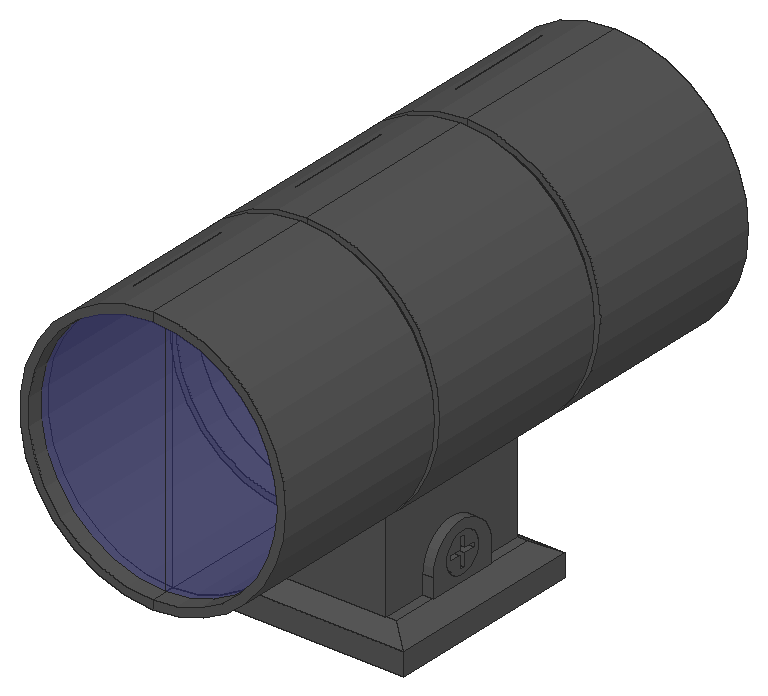
Revit family "CARLO CYLINDER LIGHT WALL MOUNT", category Lighting Fixtures, host Face, Revit 2020 (continued)
Types (10): name | Wattage_Input | Wattage Comments | Wattage | Photometric Web File | built-in parameter 1150142 | Model | built-in parameter 1150105 | Lumens | Light Length 1 | LIGHT RADIUS | LIGHT PLACEMENT | LIGHT LENGTH | LIGHT DIA | built-in parameter 1150106 | FIXED END HEIGHT | Curve base Height | Base Curve | BEAMING ANGLE | Apparent Load
     7.697 6.9879 6.3297 5.7423 5.211 4.7222 4.2923 3.9447 3.6453 3.3645 \r\n 3.1131 2.8943 2.7022 2.5326 2.3832 2.2521 2.1345 2.0254 1.9241 1.8269 \r\n 1.7366 1.6565 1.5823 1.51 1.4423 1.3814 1.3246 1.27 1.2175 1.1657 \r\n 1.1167 1.0726 1.0315 0.99206 0.95434 0.91995 0.88592 0.84892 0.81184 0.77711 \r\n 0.74288 0.7078 0.67282 0.63852 0.60469 0.57165 0.53832 0.50274 0.46776 0.43636 \r\n 0.40609 0.37511 0.34456 0.31571 0.28638 0.25312 0.22138 0.22561 0.23821 0.24044 \r\n 0.24015 0.23319 0.23691 0.27514 0.32429 0.36667 0.40848 0.46923 0.52324 0.54184 \r\n 0.55379 0.58354 0.6154 0.63836 0.66279 0.69819 0.73606 0.76971 0.80325 0.83916 \r\n 0.87561 0.91075 0.94705 0.98785 1.0286 1.064 1.0999 1.1453 1.1926 1.2358 \r\n 1.2795 1.3266 1.3758 1.4264 1.48 1.5385 1.5996 1.6595 1.7233 1.7967 \r\n 1.8743 1.9506 2.0308 2.1177 2.2127 2.3173 2.4343 2.568 2.716 2.8745 \r\n 3.0516 3.2525 3.4823 3.7469 4.0492 4.395 4.7814 5.1957 5.6729 6.2552 \r\n 6.908 7.6041 8.3627 9.2071 10.097 10.983 11.912 12.933 13.984 15.01 \r\n 16.049 17.119 18.229 19.39 20.609 21.909 23.253 24.484 25.984 28.041 \r\n 30.792 34.423 39.072 43.461 52.028 70.835 93.738 115.51 139.46 168.09 \r\n 198.59 228.7 259.27 291.04 322.12 350.77 377.16 401.06 421.97 439.6 \r\n 453.05 460.12 464.4 469.1 473.15 476.45 479.28 481.84 484.26 486.72 \r\n 489.3 492.22 495.31 498.47 501.7 505.03 508.31 511.31 514.32 517.6 \r\n 521.05 524.71 528.47 532.2 536.01 539.86 544.01 548.69 553.99 560.01 \r\n 566.95 574.95 584.23 594.91 607.47 622.29 639.86 660.55 685.15 714.42 \r\n 748.84 788.7 835.3 888.75 952.95 1034.8 1125.4 1214.4 1313.4 1431.9 \r\n 1565.5 1711.8 1873.2 2054.3 2247 2444.4 2647.7 2856 3068.2 3284.2 \r\n 3499.5 3709.9 3914.3 4110.6 4298.2 4477 4644 4795.7 4934.2 5062.1 \r\n 5175.7 5272.4 5351.9 5412.5 5456.9 5487.2 5504.8 5511.9 5509.4 5499.5 \r\n 5509.6 \r\n5444.5 5444.7 5474.6 5490.8 5497 5497.9 5488.7 5465.6 5430.3 5382.1 \r\n 5324.8 5265.1 5194.1 5103.4 4997.8 4878.7 4747.3 4606.3 4453.5 4286.9 \r\n 4108.2 3917.2 3717.6 3512.5 3303.6 3092.5 2882.3 2677.4 2475.2 2272.1 \r\n 2075.1 1889.9 1717.8 1563.2 1423.2 1294.9 1182.9 1094.7 1018 940.03 \r\n 869.65 812.71 765.3 726 693.25 665.17 641.35 620.83 603.42 588.73 \r\n 576.39 566.01 557.28 549.79 543.38 537.8 532.85 528.25 524.03 520.1 \r\n 516.5 513.38 510.39 507.19 503.98 500.94 497.84 494.38 490.9 487.69 \r\n 484.54 481.24 478.07 475.43 472.76 469.54 465.98 462.08 457.98 455.01 \r\n 449.56 437.82 421.57 401.03 376.97 349.76 320.88 292.07 262.96 233.7 \r\n 204.4 174.56 146.11 121.34 98.624 75.46 56.73 48.566 44.721 40.718 \r\n 37.374 33.897 30.642 27.632 25.078 23.36 21.99 20.552 19.211 18.011 \r\n 16.895 15.819 14.794 13.828 12.882 11.892 10.937 10.093 9.2994 8.5167 \r\n 7.7649 7.0441 6.3751 5.7859 5.2554 4.7661 4.3341 3.9793 3.6716 3.3836 \r\n 3.127 2.9069 2.7152 2.5463 2.3977 2.2662 2.1484 2.0402 1.9401 1.844 \r\n 1.755 1.6759 1.6029 1.5323 1.4662 1.4058 1.3493 1.2953 1.2431 1.1906 \r\n 1.1401 1.0935 1.0499 1.0091 0.97146 0.93919 0.90692 0.86863 0.83006 0.79613 \r\n 0.76317 0.72881 0.69406 0.65898 0.62414 0.5905 0.55692 0.52188 0.48741 0.4557 \r\n 0.42485 0.39325 0.36233 0.33413 0.30524 0.27066 0.23741 0.2426 0.25585 0.25473 \r\n 0.25251 0.25374 0.26214 0.28361 0.31605 0.3657 0.41344 0.46122 0.50196 0.52465 \r\n 0.54345 0.57105 0.60086 0.62958 0.66009 0.69535 0.73186 0.76642 0.80105 0.83694 \r\n 0.87336 0.90951 0.9468 0.98761 1.0282 1.0635 1.0996 1.1448 1.191 1.2302 \r\n 1.2699 1.316 1.3649 1.4145 1.4673 1.5263 1.5888 1.6522 1.7193 1.7932 \r\n 1.8711 1.9505 2.0341 2.1218 2.2185 2.3285 2.4532 2.5969 2.7555 2.9231 \r\n 3.1094 3.3216 3.5616 3.8291 4.1383 4.508 4.9234 5.3613 5.866 6.4905 \r\n 7.1847 7.9056 8.686 9.5622 10.481 11.38 12.319 13.362 14.432 15.449 \r\n 16.486 17.598 18.755 19.932 21.165 22.504 23.892 25.108 26.701 29.202 \r\n 32.437 36.18 41.126 46.696 56.487 75.596 98.946 122.5 148.25 177.55 \r\n 208.28 238.53 269.03 300.54 331.18 359.36 385.04 407.74 427.19 443.14 \r\n 455.07 461.24 465.1 470.08 474.47 477.4 479.81 482.38 484.89 487.25 \r\n 489.74 492.68 495.83 499.03 502.36 505.94 509.46 512.53 515.57 518.91 \r\n 522.37 525.81 529.32 532.93 536.67 540.48 544.65 549.45 554.91 560.98 \r\n 568.12 576.8 586.94 598.41 611.9 627.92 646.87 668.98 695.23 726.5 \r\n 763.35 806.29 856.32 913.4 981.09 1065 1159 1256 1363.7 1488 \r\n 1626.8 1779.8 1949 2139.8 2341.3 2543.4 2748.7 2956.4 3167 3382.5 \r\n 3596.9 3805 4006.5 4200.1 4383.9 4556 4715.8 4861.7 4995.2 5118.2 \r\n 5226.5 5316.1 5388.4 5441.9 5480.2 5506.6 5521 5523.9 5517.5 5504.2 \r\n 5509.6 \r\n5444.5 5447.7 5477.4 5494.2 5500.9 5501.7 5492.2 5469 5433.4 5384.4 \r\n 5326.1 5265.2 5192.7 5100.1 4992.2 4870.4 4736.8 4594.7 4441 4273.3 \r\n 4093.5 3900.9 3700 3494.9 3285.6 3071.1 2857.5 2651.5 2449.4 2247.6 \r\n 2052.7 1869.2 1699 1546 1408 1282.8 1174.3 1090.3 1016.5 936.92 \r\n 864.3 807.88 761.64 723.03 690.88 663.29 639.87 619.67 602.54 588.18 \r\n 576.14 566.03 557.5 550.11 543.76 538.28 533.41 528.78 524.52 520.64 \r\n 517.09 513.93 510.9 507.63 504.39 501.42 498.44 495.09 491.73 488.7 \r\n 485.72 482.5 479.4 476.88 474.38 471.49 468.2 464.18 459.91 456.95 \r\n 451.75 440.91 425.63 405.71 382.04 354.92 325.96 296.99 267.64 238.06 \r\n 208.5 178.65 150.36 126.18 103.64 79.132 58.685 49.224 44.475 40.388 \r\n 37.223 33.688 30.39 27.472 25.034 23.379 22.044 20.598 19.243 18.067 \r\n 16.977 15.902 14.872 13.906 12.96 11.969 11.01 10.154 9.3492 8.5643 \r\n 7.8108 7.0795 6.4007 5.8109 5.2826 4.7957 4.3642 4.004 3.6894 3.3957 \r\n 3.1351 2.9147 2.7242 2.5566 2.4093 2.2779 2.1601 2.0529 1.9542 1.8596 \r\n 1.7721 1.6942 1.6224 1.5536 1.489 1.429 1.3726 1.3194 1.2676 1.2149 \r\n 1.1635 1.1147 1.0689 1.0269 0.98911 0.95859 0.92773 0.88839 0.8486 0.81543 \r\n 0.7836 0.74983 0.71525 0.67949 0.64379 0.60971 0.57599 0.54147 0.50747 0.47537 \r\n 0.44389 0.41165 0.38031 0.35258 0.32397 0.28812 0.25336 0.25904 0.27242 0.26771 \r\n 0.26339 0.27266 0.28557 0.29014 0.30569 0.36217 0.41568 0.45102 0.47926 0.50679 \r\n 0.53307 0.55883 0.5867 0.62108 0.65744 0.69215 0.72692 0.76234 0.7981 0.83394 \r\n 0.8703 0.90743 0.94561 0.98615 1.0263 1.0617 1.0981 1.1428 1.1874 1.2229 \r\n 1.2589 1.3036 1.3519 1.4004 1.4527 1.512 1.5759 1.6427 1.7131 1.7871 \r\n 1.8652 1.9476 2.0344 2.1231 2.2214 2.3364 2.468 2.6204 2.7885 2.9648 \r\n 3.1603 3.3838 3.6339 3.9044 4.2199 4.6112 5.0534 5.5144 6.0458 6.7096 \r\n 7.4419 8.1842 8.9828 9.8863 10.83 11.74 12.688 13.749 14.833 15.845 \r\n 16.882 18.03 19.228 20.424 21.677 23.052 24.488 25.722 27.425 30.333 \r\n 33.996 37.76 42.971 49.942 61.108 80.252 103.63 128.52 155.69 185.5 \r\n 216.41 246.83 277.33 308.54 338.76 366.57 391.7 413.42 431.66 446.12 \r\n 456.74 462.27 465.91 471.18 475.88 478.5 480.53 483.12 485.73 488.02 \r\n 490.43 493.36 496.54 499.77 503.17 506.95 510.66 513.8 516.87 520.28 \r\n 523.73 526.96 530.22 533.72 537.39 541.16 545.34 550.25 555.86 561.98 \r\n 569.33 578.65 589.62 601.87 616.27 633.45 653.72 677.22 705.12 738.31 \r\n 777.64 824.22 878.21 939.05 1010 1095.1 1191.4 1296.2 1412.6 1542.6 \r\n 1686.9 1846.4 2022.8 2222.2 2431.4 2637.7 2844.9 3052.3 3261.6 3476.5 \r\n 3689.9 3895.5 4094 4284.9 4465 4630.6 4783.4 4924.2 5052.8 5170.9 \r\n 5273.8 5356.5 5421.7 5468.9 5501.9 5524.8 5536.4 5535.7 5525.7 5509.2 \r\n 5509.6 \r\n5444.5 5456.9 5486.3 5503.4 5510.5 5510.8 5500.6 5476.8 5440.7 5391.4 \r\n 5332.3 5269.8 5194.9 5099.4 4988.4 4863.9 4727.6 4583.2 4427.5 4257.7 \r\n 4075.8 3881.1 3678.4 3472.4 3262 3045.4 2829.8 2622.8 2420.8 2220.6 \r\n 2027.9 1846.4 1678.2 1527.3 1391.9 1271.4 1167.4 1086.3 1013.9 933.04 \r\n 858.82 803.08 758.04 720.16 688.64 661.6 638.66 618.86 602.08 588.04 \r\n 576.3 566.45 558.15 550.93 544.73 539.4 534.65 530.09 525.88 522.07 \r\n 518.57 515.38 512.29 509 505.76 502.87 499.97 496.7 493.44 490.51 \r\n 487.63 484.48 481.44 478.94 476.5 473.85 470.74 466.56 462.08 459.01 \r\n 453.93 443.75 429.23 409.74 386.34 359.32 330.34 301.27 271.7 241.72 \r\n 211.79 181.83 153.65 130.11 108.04 83.072 61.644 50.577 44.401 40.121 \r\n 37.137 33.57 30.265 27.429 25.084 23.46 22.132 20.675 19.309 18.151 \r\n 17.08 16.001 14.961 13.989 13.038 12.048 11.086 10.217 9.398 8.6091 \r\n 7.8524 7.1108 6.4223 5.83 5.3021 4.8172 4.3872 4.0244 3.7058 3.4084 \r\n 3.1448 2.9239 2.734 2.5675 2.4212 2.2897 2.1717 2.0653 1.9676 1.874 \r\n 1.7875 1.7104 1.6393 1.5714 1.5074 1.4473 1.3908 1.338 1.2869 1.2351 \r\n 1.1843 1.1347 1.088 1.0458 1.008 0.97803 0.94755 0.90776 0.86747 0.83456 \r\n 0.80313 0.76957 0.73498 0.69872 0.66249 0.62826 0.59458 0.5603 0.52641 0.49376 \r\n 0.46156 0.42877 0.39699 0.36917 0.34027 0.30315 0.26699 0.27347 0.28753 0.28063 \r\n 0.27481 0.28891 0.30402 0.29627 0.29934 0.35892 0.41515 0.44269 0.46345 0.49435 \r\n 0.52579 0.55113 0.57843 0.61649 0.65643 0.69066 0.72419 0.76016 0.79668 0.83251 \r\n 0.86881 0.90647 0.94506 0.98511 1.0247 1.0604 1.0971 1.1411 1.1846 1.2184 \r\n 1.2528 1.2968 1.3439 1.3906 1.4414 1.5008 1.5658 1.6348 1.7073 1.7813 \r\n 1.8594 1.9441 2.0334 2.1232 2.223 2.3415 2.4777 2.6349 2.8086 2.9916 \r\n 3.1948 3.4283 3.6881 3.9632 4.2852 4.6918 5.1532 5.6346 6.1891 6.8821 \r\n 7.6421 8.4006 9.2124 10.133 11.092 12.013 12.968 14.037 15.128 16.144 \r\n 17.188 18.352 19.571 20.792 22.077 23.487 24.977 26.288 28.123 31.294 \r\n 35.211 38.879 44.319 52.875 65.576 84.738 107.84 133.05 160.6 190.59 \r\n 221.65 252.3 282.93 313.9 343.77 371.4 396.28 417.51 435.06 448.51 \r\n 458.21 463.37 466.94 472.43 477.37 479.83 481.66 484.31 487.01 489.31 \r\n 491.71 494.65 497.84 501.09 504.52 508.34 512.11 515.27 518.35 521.79 \r\n 525.23 528.33 531.44 534.84 538.46 542.2 546.4 551.37 557.08 563.32 \r\n 570.89 580.71 592.32 605.24 620.43 638.56 659.94 684.69 714.08 748.94 \r\n 790.73 841.69 900.34 964.93 1038.6 1123.8 1221 1331.6 1455 1590.5 \r\n 1740.1 1905.4 2087.4 2292.6 2506.6 2716 2925.1 3133.2 3342.2 3556.8 \r\n 3769.2 3972.8 4168.6 4356.7 4533.4 4693.7 4841.2 4977.9 5102.5 5215.6 \r\n 5313.1 5389.8 5449.3 5491.9 5521.3 5541.6 5550.9 5547.6 5534.7 5515.3 \r\n 5509.6 \r\n5444.5 5472.7 5502 5519.3 5526.3 5525.8 5514.5 5489.8 5452.9 5403.7 \r\n 5344.4 5279.5 5201.4 5102.2 4987.5 4860 4720.8 4573 4413.8 4240.8 \r\n 4055.9 3858.6 3653.5 3445.5 3233.6 3016.1 2800 2592.4 2390.4 2191.9 \r\n 2001.4 1822.2 1656.4 1507.8 1375.8 1261.3 1162.8 1083 1010.3 928.54 \r\n 853.52 798.56 754.7 717.58 686.7 660.25 637.85 618.52 602.14 588.42 \r\n 576.94 567.35 559.29 552.33 546.36 541.23 536.66 532.27 528.19 524.49 \r\n 521.04 517.81 514.67 511.4 508.22 505.37 502.52 499.31 496.09 493.19 \r\n 490.33 487.23 484.21 481.65 479.15 476.61 473.56 469.2 464.49 461.23 \r\n 456.15 446.41 432.41 413.16 389.9 363.03 334.11 304.99 275.24 244.78 \r\n 214.37 184.12 155.96 133.11 111.8 87.316 65.71 52.712 44.549 39.954 \r\n 37.148 33.578 30.301 27.534 25.25 23.621 22.267 20.796 19.421 18.273 \r\n 17.212 16.123 15.067 14.082 13.122 12.133 11.171 10.286 9.4505 8.6549 \r\n 7.8931 7.1411 6.4429 5.8456 5.3157 4.832 4.4041 4.0415 3.7222 3.4231 \r\n 3.1576 2.9357 2.7455 2.5797 2.4341 2.3021 2.1837 2.0777 1.9806 1.8873 \r\n 1.8009 1.7241 1.6533 1.5852 1.5208 1.4601 1.4031 1.3504 1.3002 1.2506 \r\n 1.2021 1.1535 1.1072 1.0657 1.0283 0.9975 0.96623 0.92665 0.88668 0.85343 \r\n 0.82155 0.78777 0.753 0.71644 0.68001 0.64598 0.6125 0.57815 0.54394 0.51056 \r\n 0.47756 0.44432 0.41208 0.38354 0.35369 0.31532 0.27788 0.2856 0.30107 0.2937 \r\n 0.28714 0.30231 0.31688 0.30226 0.29814 0.35649 0.41184 0.43699 0.45609 0.48847 \r\n 0.52218 0.54873 0.57707 0.61647 0.65737 0.69126 0.72423 0.76039 0.79721 0.83309 \r\n 0.86935 0.90701 0.94544 0.98481 1.0238 1.0599 1.0969 1.1398 1.1822 1.2166 \r\n 1.2514 1.2943 1.3401 1.3851 1.4344 1.4937 1.5592 1.6292 1.7024 1.7762 \r\n 1.8542 1.9402 2.0313 2.1224 2.2236 2.344 2.4819 2.6396 2.8145 3.0017 \r\n 3.2111 3.4532 3.7221 4.0039 4.3326 4.7472 5.2195 5.7179 6.2913 7.0024 \r\n 7.7783 8.5476 9.3675 10.295 11.259 12.188 13.15 14.214 15.303 16.335 \r\n 17.395 18.552 19.77 21.024 22.355 23.797 25.346 26.8 28.786 32.059 \r\n 36.036 39.485 45.116 55.434 69.833 89.045 111.57 135.97 162.78 192.59 \r\n 223.73 254.7 285.61 316.38 346 373.66 398.62 419.87 437.32 450.3 \r\n 459.52 464.58 468.21 473.84 478.93 481.41 483.24 485.98 488.79 491.18 \r\n 493.65 496.62 499.8 503.05 506.46 510.17 513.83 516.96 520.03 523.47 \r\n 526.91 529.97 533.02 536.36 539.94 543.67 547.89 552.88 558.65 565.05 \r\n 572.88 583.03 595.06 608.52 624.35 643.2 665.45 691.26 721.98 758.22 \r\n 802.42 858.53 922.61 990.9 1066.7 1150.8 1247.2 1361.4 1490 1630.7 \r\n 1785.5 1955.6 2141.6 2349.1 2564.8 2776.2 2987.2 3197 3407.2 3621.6 \r\n 3833 4035.2 4228.8 4414 4587.3 4744.1 4887.9 5022 5143.5 5251.6 \r\n 5343.6 5415.3 5470.4 5510.6 5538.3 5556.9 5564.5 5559.5 5544.7 5522.8 \r\n 5509.6 \r\n5444.5 5493.5 5522.5 5539.7 5546.5 5544.7 5532 5505.8 5467.9 5419.1 \r\n 5359.5 5291.8 5209.6 5105.8 4986.4 4855.5 4712.9 4560.8 4397 4219.8 \r\n 4031.1 3830.7 3622.9 3412.1 3198.2 2980.6 2764.8 2556.8 2354.9 2158.3 \r\n 1970.6 1793.8 1631 1485.3 1357.2 1250.4 1158.7 1079.6 1005.5 922.93 \r\n 847.42 793.44 750.92 714.66 684.52 658.78 637.01 618.25 602.36 588.98 \r\n 577.79 568.48 560.71 554.07 548.41 543.52 539.16 535.01 531.15 527.57 \r\n 524.19 520.91 517.71 514.51 511.4 508.6 505.79 502.62 499.43 496.52 \r\n 493.64 490.59 487.6 484.9 482.27 479.77 476.74 472.14 467.12 463.51 \r\n 458.21 448.71 435.02 415.83 392.6 365.84 336.99 307.85 277.91 246.9 \r\n 215.95 185.41 157.33 135.28 115 91.738 70.543 55.341 44.746 39.758 \r\n 37.149 33.602 30.387 27.689 25.455 23.802 22.407 20.919 19.538 18.398 \r\n 17.344 16.242 15.167 14.165 13.192 12.207 11.248 10.346 9.4911 8.6885 \r\n 7.9218 7.1601 6.4527 5.8498 5.3174 4.836 4.4119 4.0518 3.7341 3.435 \r\n 3.1688 2.9463 2.7557 2.5906 2.4459 2.3135 2.1946 2.089 1.9924 1.8992 \r\n 1.8128 1.7362 1.6652 1.5965 1.5313 1.4696 1.412 1.3592 1.31 1.2636 \r\n 1.2185 1.1717 1.1268 1.0864 1.0494 1.0171 0.98427 0.94534 0.90621 0.87233 \r\n 0.83953 0.80526 0.77018 0.73347 0.69708 0.66348 0.63035 0.59577 0.56102 0.52679 \r\n 0.49292 0.45928 0.42654 0.39688 0.36569 0.32609 0.28742 0.29637 0.31332 0.30615 \r\n 0.29913 0.3135 0.32615 0.30718 0.29826 0.3531 0.40578 0.43138 0.45198 0.48534 \r\n 0.52029 0.549 0.57918 0.61877 0.65925 0.69266 0.72519 0.76135 0.79828 0.8342 \r\n 0.87041 0.90781 0.94577 0.98421 1.0225 1.0591 1.0963 1.1376 1.1785 1.214 \r\n 1.2499 1.291 1.3347 1.3796 1.4283 1.4877 1.5533 1.6235 1.6968 1.7702 \r\n 1.8479 1.9348 2.0271 2.1196 2.2222 2.3434 2.4814 2.6368 2.8104 3.0004 \r\n 3.2152 3.4652 3.7428 4.0322 4.3676 4.7857 5.2636 5.7772 6.3671 7.0895 \r\n 7.8739 8.6497 9.4733 10.399 11.362 12.298 13.264 14.317 15.399 16.453 \r\n 17.534 18.669 19.872 21.165 22.551 24.023 25.636 27.28 29.438 32.714 \r\n 36.63 39.753 45.543 57.821 74.074 93.209 114.8 137.63 162.94 192.32 \r\n 223.5 254.85 286.12 316.72 346.14 373.98 399.25 420.9 438.66 451.5 \r\n 460.56 465.79 469.65 475.39 480.57 483.18 485.14 487.99 490.91 493.45 \r\n 496.03 499.02 502.18 505.42 508.76 512.27 515.72 518.79 521.84 525.26 \r\n 528.68 531.75 534.81 538.1 541.63 545.37 549.61 554.57 560.38 566.98 \r\n 575.08 585.46 597.8 611.73 628.12 647.56 670.54 697.31 729.27 766.72 \r\n 813.34 875.26 945.39 1017.4 1095 1176.9 1271.2 1387.9 1520.7 1666.5 \r\n 1826.6 2000.9 2189.9 2397.5 2612.8 2825.4 3038.2 3250.3 3462.4 3676.8 \r\n 3887.3 4088.1 4279.8 4462 4632.1 4786 4927.3 5059.5 5178.5 5281.6 \r\n 5368.2 5435.3 5487 5526.1 5553.3 5570.8 5577.2 5571.3 5555.3 5531 \r\n 5509.6 \r\n5444.5 5519.2 5547.8 5564.9 5571.1 5567.7 5553 5524.9 5485.7 5437.4 \r\n 5377.8 5306.6 5219.5 5110.1 4985.3 4850.4 4704 4546.4 4377 4194.8 \r\n 4001.4 3797.3 3586.4 3372.2 3155.9 2938.8 2724.2 2515.9 2314.2 2119.9 \r\n 1935.2 1761.5 1601.9 1459.5 1336.3 1238.8 1155.2 1076 999.6 916.21 \r\n 840.53 787.71 746.7 711.41 682.11 657.17 636.14 618.06 602.74 589.74 \r\n 578.85 569.85 562.39 556.14 550.87 546.27 542.17 538.33 534.74 531.33 \r\n 528.02 524.69 521.43 518.31 515.32 512.56 509.77 506.64 503.46 500.5 \r\n 497.57 494.57 491.59 488.69 485.84 483.33 480.25 475.38 469.97 465.84 \r\n 460.11 450.63 437.06 417.77 394.44 367.76 339 309.85 279.73 248.1 \r\n 216.53 185.7 157.76 136.63 117.65 96.339 76.143 58.463 44.991 39.533 \r\n 37.142 33.643 30.521 27.892 25.698 24.003 22.55 21.045 19.66 18.526 \r\n 17.476 16.357 15.261 14.237 13.25 12.27 11.317 10.396 9.5198 8.7098 \r\n 7.9385 7.1677 6.4515 5.8424 5.3072 4.8292 4.4107 4.0553 3.7416 3.444 \r\n 3.1784 2.9555 2.7645 2.6004 2.4566 2.3239 2.2045 2.0992 2.003 1.9098 \r\n 1.8232 1.7465 1.6753 1.605
